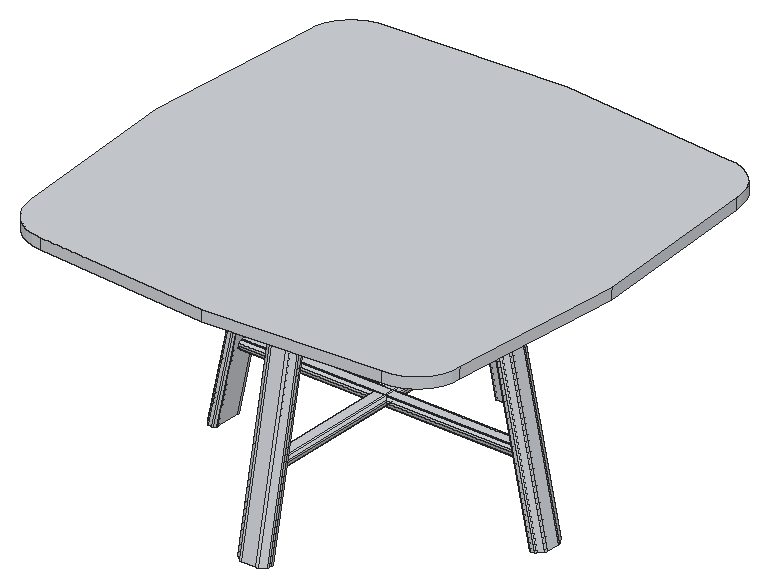
Revit family "Bernhardt_Design-Tables-Freestanding-Arched-Blueprint", category Furniture, Revit 2016
Family settings
  OmniClass Number = 23.40.20.00
  OmniClass Title = General Furniture and Specialties
  Work Plane-Based = No
  Always vertical = Yes
  Cut with Voids When Loaded = No
  Shared = No
  Room Calculation Point = No
Parameters (values of type "BPS-YDD-AA000")
  Wood = none
  URL = "http://www.bernhardtdesign.com"
  TableTopHeight = TotalHeight - 0' 1 1/4"  # 2' - 4 3/4"
  TotalHeight = 2' - 6"
  TableTop = none
  Support_small = no
  Support_large = yes
  SKU = "BPS-YDD-AA000"
  RoundRadius = 2' - 6"
  PlateRadius = 1' - 7 3/4"
  Model = "Blueprint"  # constant formula
  Manufacturer = "Bernhardt Design"  # constant formula
  Legs_small = no
  Legs_large = yes
  Crossbar_bottom = -Crossbar_top  # -1' - 5"
  Crossbar_top = 1' - 5"
  Copyright © = "Copyright © Bernhardt Design"  # constant formula
  Catalog = SKU  # "BPS-YDD-AA000"
  BlackPaint = Black Paint
  Authoring Version = "Autodesk Revit 2016"  # constant formula
  Arched_small = no
  Arched_large = yes
Types (3): name | Support_small | Support_large | SKU | RoundRadius | PlateRadius | Legs_small | Legs_large | Crossbar_bottom | Crossbar_top | Catalog | Arched_small | Arched_large
  (no name) | no | yes | "BPS-YDD-AA000" | 2' - 6" | 1' - 7 3/4" | no | yes | -1' - 5" | 1' - 5" | "BPS-YDD-AA000" | no | yes
  BPS-YAA-AA000 | yes | no | "BPS-YAA-AA000" | 2' - 3" | 0' - 11.81206" | yes | no | -1' - 0 1/16" | 1' - 0 1/16" | "BPS-YAA-AA000" | yes | no
  BPS-YDD-AA000 | no | yes | "BPS-YDD-AA000" | 2' - 6" | 1' - 7 3/4" | no | yes | -1' - 5" | 1' - 5" | "BPS-YDD-AA000" | no | yes
Reference planes (in)
  plane 1 "Center Front/Back": y = 0
  plane 2: z = 0
  plane 3 "Center Left/Right": x = 0
  plane 4 "legTop_plane": z = 27.99185
  plane 5 "TableTop_plane": z = 30
  plane 6 "tableBottom_plane": z = 28.75
  plane 7 "supportBottom_plane": z = 25.47244
  plane 8 "crossTop_plane": z = 9.64539
  plane 9 "crossBottom_plane": z = 8.38555
  plane 10 "Crossbar_top_plane": y = 12.06057
  plane 11: y = -12.16143
Forms (in)
  Blend 1, solid, material <- "Wood", visible <- "Legs_small"
    base sketch origin (0, 0, 0) x (1, 0, 0) y (0, 1, 0)
      loop
        line (-14.8392, 0.57397) -> (-14.8392, 0) -> (-14.8392, -0.57397)
        arc (-14.8392, -0.57397) -> (-14.81086, -0.73468) -> (-14.72927, -0.87601) r 0.46988
        line (-14.72927, -0.87601) -> (-14.30257, -1.46331)
        arc (-14.30257, -1.46331) -> (-14.20943, -1.55016) -> (-14.09055, -1.59579) r 0.33368
        line (-14.09055, -1.59579) -> (-13.68282, -1.59579)
        arc (-13.68282, -1.59579) -> (-13.59285, -1.57584) -> (-13.51973, -1.51974) r 0.2129
        line (-13.51973, -1.51974) -> (-13.35989, -1.3599)
        arc (-13.35989, -1.3599) -> (-13.32388, -1.30338) -> (-13.31513, -1.23692) r 0.15483
        line (-13.31513, -1.23692) -> (-13.31513, 0) -> (-13.31513, 1.23692)
        arc (-13.31513, 1.23692) -> (-13.32388, 1.30338) -> (-13.35989, 1.3599) r 0.15483
        line (-13.35989, 1.3599) -> (-13.51973, 1.51974)
        arc (-13.51973, 1.51974) -> (-13.59285, 1.57584) -> (-13.68282, 1.59579) r 0.2129
        line (-13.68282, 1.59579) -> (-14.09055, 1.59579)
        arc (-14.09055, 1.59579) -> (-14.20943, 1.55016) -> (-14.30257, 1.46331) r 0.33368
        line (-14.30257, 1.46331) -> (-14.72927, 0.87601)
        arc (-14.72927, 0.87601) -> (-14.81086, 0.73468) -> (-14.8392, 0.57397) r 0.46988
    top sketch origin (0, 0, 0) x (1, 0, 0) y (0, 1, 0)
      loop
        line (-9.39808, 0.57397) -> (-9.39808, 0) -> (-9.39808, -0.57397)
        arc (-9.39808, -0.57397) -> (-9.36974, -0.73468) -> (-9.28815, -0.87601) r 0.46988
        line (-9.28815, -0.87601) -> (-8.86145, -1.46331)
        arc (-8.86145, -1.46331) -> (-8.76832, -1.55016) -> (-8.64943, -1.59579) r 0.33368
        line (-8.64943, -1.59579) -> (-8.2417, -1.59579)
        arc (-8.2417, -1.59579) -> (-8.15173, -1.57584) -> (-8.07862, -1.51974) r 0.2129
        line (-8.07862, -1.51974) -> (-7.91878, -1.3599)
        arc (-7.91878, -1.3599) -> (-7.88276, -1.30338) -> (-7.87402, -1.23692) r 0.15483
        line (-7.87402, -1.23692) -> (-7.87402, 0) -> (-7.87402, 1.23692)
        arc (-7.87402, 1.23692) -> (-7.88276, 1.30338) -> (-7.91878, 1.3599) r 0.15483
        line (-7.91878, 1.3599) -> (-8.07862, 1.51974)
        arc (-8.07862, 1.51974) -> (-8.15173, 1.57584) -> (-8.2417, 1.59579) r 0.2129
        line (-8.2417, 1.59579) -> (-8.64943, 1.59579)
        arc (-8.64943, 1.59579) -> (-8.76832, 1.55016) -> (-8.86145, 1.46331) r 0.33368
        line (-8.86145, 1.46331) -> (-9.28815, 0.87601)
        arc (-9.28815, 0.87601) -> (-9.36974, 0.73468) -> (-9.39808, 0.57397) r 0.46988
    from 0 to 27.99213
  Extrusion 2, solid, material <- "TableTop", visible <- "Arched_small"
    sketch origin (0, 0, 0) x (1, 0, 0) y (0, 1, 0)
      loop
        arc (-0.00001, 18) -> (-6.96999, 17.75697) -> (-13.90595, 17.0276) r 99.76811
        arc (-13.90595, 17.0276) -> (-16.07684, 15.89736) -> (-17.05289, 13.65292) r 3.66657
        arc (-17.05289, 13.65292) -> (-17.7535, 6.8422) -> (-18.00044, 0) r 103.08114
        arc (-18.00044, 0) -> (-17.7535, -6.8422) -> (-17.05289, -13.65292) r 103.08114
        arc (-17.05289, -13.65292) -> (-16.07684, -15.89736) -> (-13.90595, -17.0276) r 3.66657
        arc (-13.90595, -17.0276) -> (-6.96999, -17.75697) -> (-0.00001, -18) r 99.76811
        arc (-0.00001, -18) -> (6.96998, -17.75697) -> (13.90595, -17.0276) r 99.76811
        arc (13.90595, -17.0276) -> (16.07684, -15.89736) -> (17.05289, -13.65292) r 3.66657
        arc (17.05289, -13.65292) -> (17.7535, -6.8422) -> (18.00044, 0) r 103.08114
        arc (18.00044, 0) -> (17.7535, 6.8422) -> (17.05289, 13.65292) r 103.08114
        arc (17.05289, 13.65292) -> (16.07684, 15.89736) -> (13.90595, 17.0276) r 3.66657
        arc (13.90595, 17.0276) -> (6.96998, 17.75697) -> (-0.00001, 18) r 99.76811
    from 30 <- "TotalHeight" to 28.75 <- "TableTopHeight"
  Blend 3, solid, material <- "Wood", visible <- "Legs_small"
    base sketch origin (0.01587, -0.01587, 0) x (-1, 0, 0) y (0, -1, 0)
      loop
        arc (-14.8392, -0.57397) -> (-14.81086, -0.73468) -> (-14.72927, -0.87601) r 0.46988
        line (-14.72927, -0.87601) -> (-14.30257, -1.46331)
        arc (-14.30257, -1.46331) -> (-14.20943, -1.55016) -> (-14.09055, -1.59579) r 0.33368
        line (-14.09055, -1.59579) -> (-13.68282, -1.59579)
        arc (-13.68282, -1.59579) -> (-13.59285, -1.57584) -> (-13.51973, -1.51974) r 0.2129
        line (-13.51973, -1.51974) -> (-13.35989, -1.3599)
        arc (-13.35989, -1.3599) -> (-13.32388, -1.30338) -> (-13.31513, -1.23692) r 0.15483
        line (-13.31513, -1.23692) -> (-13.31513, 0) -> (-13.31513, 1.23692)
        arc (-13.31513, 1.23692) -> (-13.32388, 1.30338) -> (-13.35989, 1.3599) r 0.15483
        line (-13.35989, 1.3599) -> (-13.51973, 1.51974)
        arc (-13.51973, 1.51974) -> (-13.59285, 1.57584) -> (-13.68282, 1.59579) r 0.2129
        line (-13.68282, 1.59579) -> (-14.09055, 1.59579)
        arc (-14.09055, 1.59579) -> (-14.20943, 1.55016) -> (-14.30257, 1.46331) r 0.33368
        line (-14.30257, 1.46331) -> (-14.72927, 0.87601)
        arc (-14.72927, 0.87601) -> (-14.81086, 0.73468) -> (-14.8392, 0.57397) r 0.46988
        line (-14.8392, 0.57397) -> (-14.8392, 0) -> (-14.8392, -0.57397)
    top sketch origin (0.01587, -0.01587, 0) x (-1, 0, 0) y (0, -1, 0)
      loop
        arc (-9.39808, -0.57397) -> (-9.36974, -0.73468) -> (-9.28815, -0.87601) r 0.46988
        line (-9.28815, -0.87601) -> (-8.86145, -1.46331)
        arc (-8.86145, -1.46331) -> (-8.76832, -1.55016) -> (-8.64943, -1.59579) r 0.33368
        line (-8.64943, -1.59579) -> (-8.2417, -1.59579)
        arc (-8.2417, -1.59579) -> (-8.15173, -1.57584) -> (-8.07862, -1.51974) r 0.2129
        line (-8.07862, -1.51974) -> (-7.91878, -1.3599)
        arc (-7.91878, -1.3599) -> (-7.88276, -1.30338) -> (-7.87402, -1.23692) r 0.15483
        line (-7.87402, -1.23692) -> (-7.87402, 0) -> (-7.87402, 1.23692)
        arc (-7.87402, 1.23692) -> (-7.88276, 1.30338) -> (-7.91878, 1.3599) r 0.15483
        line (-7.91878, 1.3599) -> (-8.07862, 1.51974)
        arc (-8.07862, 1.51974) -> (-8.15173, 1.57584) -> (-8.2417, 1.59579) r 0.2129
        line (-8.2417, 1.59579) -> (-8.64943, 1.59579)
        arc (-8.64943, 1.59579) -> (-8.76832, 1.55016) -> (-8.86145, 1.46331) r 0.33368
        line (-8.86145, 1.46331) -> (-9.28815, 0.87601)
        arc (-9.28815, 0.87601) -> (-9.36974, 0.73468) -> (-9.39808, 0.57397) r 0.46988
        line (-9.39808, 0.57397) -> (-9.39808, 0) -> (-9.39808, -0.57397)
    from 0 to 27.99213
  Blend 4, solid, material <- "Wood", visible <- "Legs_small"
    base sketch origin (-0.00001, -0.01586, 0) x (0.001505, 0.999999, 0) y (-0.999999, 0.001505, 0)
      loop
        line (-14.8392, 0.57397) -> (-14.8392, 0) -> (-14.8392, -0.57397)
        arc (-14.8392, -0.57397) -> (-14.81086, -0.73468) -> (-14.72927, -0.87601) r 0.46988
        line (-14.72927, -0.87601) -> (-14.30257, -1.46331)
        arc (-14.30257, -1.46331) -> (-14.20943, -1.55016) -> (-14.09055, -1.59579) r 0.33368
        line (-14.09055, -1.59579) -> (-13.68282, -1.59579)
        arc (-13.68282, -1.59579) -> (-13.59285, -1.57584) -> (-13.51973, -1.51974) r 0.2129
        line (-13.51973, -1.51974) -> (-13.35989, -1.3599)
        arc (-13.35989, -1.3599) -> (-13.32388, -1.30338) -> (-13.31513, -1.23692) r 0.15483
        line (-13.31513, -1.23692) -> (-13.31513, 0) -> (-13.31513, 1.23692)
        arc (-13.31513, 1.23692) -> (-13.32388, 1.30338) -> (-13.35989, 1.3599) r 0.15483
        line (-13.35989, 1.3599) -> (-13.51973, 1.51974)
        arc (-13.51973, 1.51974) -> (-13.59285, 1.57584) -> (-13.68282, 1.59579) r 0.2129
        line (-13.68282, 1.59579) -> (-14.09055, 1.59579)
        arc (-14.09055, 1.59579) -> (-14.20943, 1.55016) -> (-14.30257, 1.46331) r 0.33368
        line (-14.30257, 1.46331) -> (-14.72927, 0.87601)
        arc (-14.72927, 0.87601) -> (-14.81086, 0.73468) -> (-14.8392, 0.57397) r 0.46988
    top sketch origin (-0.00001, -0.01586, 0) x (0.001505, 0.999999, 0) y (-0.999999, 0.001505, 0)
      loop
        line (-9.39808, 0.57397) -> (-9.39808, 0) -> (-9.39808, -0.57397)
        arc (-9.39808, -0.57397) -> (-9.36974, -0.73468) -> (-9.28815, -0.87601) r 0.46988
        line (-9.28815, -0.87601) -> (-8.86145, -1.46331)
        arc (-8.86145, -1.46331) -> (-8.76832, -1.55016) -> (-8.64943, -1.59579) r 0.33368
        line (-8.64943, -1.59579) -> (-8.2417, -1.59579)
        arc (-8.2417, -1.59579) -> (-8.15173, -1.57584) -> (-8.07862, -1.51974) r 0.2129
        line (-8.07862, -1.51974) -> (-7.91878, -1.3599)
        arc (-7.91878, -1.3599) -> (-7.88276, -1.30338) -> (-7.87402, -1.23692) r 0.15483
        line (-7.87402, -1.23692) -> (-7.87402, 0) -> (-7.87402, 1.23692)
        arc (-7.87402, 1.23692) -> (-7.88276, 1.30338) -> (-7.91878, 1.3599) r 0.15483
        line (-7.91878, 1.3599) -> (-8.07862, 1.51974)
        arc (-8.07862, 1.51974) -> (-8.15173, 1.57584) -> (-8.2417, 1.59579) r 0.2129
        line (-8.2417, 1.59579) -> (-8.64943, 1.59579)
        arc (-8.64943, 1.59579) -> (-8.76832, 1.55016) -> (-8.86145, 1.46331) r 0.33368
        line (-8.86145, 1.46331) -> (-9.28815, 0.87601)
        arc (-9.28815, 0.87601) -> (-9.36974, 0.73468) -> (-9.39808, 0.57397) r 0.46988
    from 0 to 27.99213
  Blend 5, solid, material <- "Wood", visible <- "Legs_small"
    base sketch origin (0.01588, -0.03701, 0) x (-0.001505, -0.999999, 0) y (0.999999, -0.001505, 0)
      loop
        arc (-14.8392, -0.57397) -> (-14.81086, -0.73468) -> (-14.72927, -0.87601) r 0.46988
        line (-14.72927, -0.87601) -> (-14.30257, -1.46331)
        arc (-14.30257, -1.46331) -> (-14.20943, -1.55016) -> (-14.09055, -1.59579) r 0.33368
        line (-14.09055, -1.59579) -> (-13.68282, -1.59579)
        arc (-13.68282, -1.59579) -> (-13.59285, -1.57584) -> (-13.51973, -1.51974) r 0.2129
        line (-13.51973, -1.51974) -> (-13.35989, -1.3599)
        arc (-13.35989, -1.3599) -> (-13.32388, -1.30338) -> (-13.31513, -1.23692) r 0.15483
        line (-13.31513, -1.23692) -> (-13.31513, 0) -> (-13.31513, 1.23692)
        arc (-13.31513, 1.23692) -> (-13.32388, 1.30338) -> (-13.35989, 1.3599) r 0.15483
        line (-13.35989, 1.3599) -> (-13.51973, 1.51974)
        arc (-13.51973, 1.51974) -> (-13.59285, 1.57584) -> (-13.68282, 1.59579) r 0.2129
        line (-13.68282, 1.59579) -> (-14.09055, 1.59579)
        arc (-14.09055, 1.59579) -> (-14.20943, 1.55016) -> (-14.30257, 1.46331) r 0.33368
        line (-14.30257, 1.46331) -> (-14.72927, 0.87601)
        arc (-14.72927, 0.87601) -> (-14.81086, 0.73468) -> (-14.8392, 0.57397) r 0.46988
        line (-14.8392, 0.57397) -> (-14.8392, 0) -> (-14.8392, -0.57397)
    top sketch origin (0.01588, -0.03701, 0) x (-0.001505, -0.999999, 0) y (0.999999, -0.001505, 0)
      loop
        arc (-9.39808, -0.57397) -> (-9.36974, -0.73468) -> (-9.28815, -0.87601) r 0.46988
        line (-9.28815, -0.87601) -> (-8.86145, -1.46331)
        arc (-8.86145, -1.46331) -> (-8.76832, -1.55016) -> (-8.64943, -1.59579) r 0.33368
        line (-8.64943, -1.59579) -> (-8.2417, -1.59579)
        arc (-8.2417, -1.59579) -> (-8.15173, -1.57584) -> (-8.07862, -1.51974) r 0.2129
        line (-8.07862, -1.51974) -> (-7.91878, -1.3599)
        arc (-7.91878, -1.3599) -> (-7.88276, -1.30338) -> (-7.87402, -1.23692) r 0.15483
        line (-7.87402, -1.23692) -> (-7.87402, 0) -> (-7.87402, 1.23692)
        arc (-7.87402, 1.23692) -> (-7.88276, 1.30338) -> (-7.91878, 1.3599) r 0.15483
        line (-7.91878, 1.3599) -> (-8.07862, 1.51974)
        arc (-8.07862, 1.51974) -> (-8.15173, 1.57584) -> (-8.2417, 1.59579) r 0.2129
        line (-8.2417, 1.59579) -> (-8.64943, 1.59579)
        arc (-8.64943, 1.59579) -> (-8.76832, 1.55016) -> (-8.86145, 1.46331) r 0.33368
        line (-8.86145, 1.46331) -> (-9.28815, 0.87601)
        arc (-9.28815, 0.87601) -> (-9.36974, 0.73468) -> (-9.39808, 0.57397) r 0.46988
        line (-9.39808, 0.57397) -> (-9.39808, 0) -> (-9.39808, -0.57397)
    from 0 to 27.99213
  Extrusion 6, solid
    sketch origin (0, 0, 0) x (1, 0, 0) y (0, 0, 1)
      loop
        line (0.54195, 9.64567) -> (-0.54195, 9.64567)
        arc (-0.54195, 9.64567) -> (-0.63281, 9.62718) -> (-0.70923, 9.57466) r 0.23254
        line (-0.70923, 9.57466) -> (-0.95327, 9.29392)
        arc (-0.95327, 9.29392) -> (-0.99731, 9.20363) -> (-0.9903, 9.10342) r 0.19407
        line (-0.9903, 9.10342) -> (-0.68418, 8.51535)
        arc (-0.68418, 8.51535) -> (-0.58683, 8.41543) -> (-0.45051, 8.38583) r 0.24202
        line (-0.45051, 8.38583) -> (0.45051, 8.38583)
        arc (0.45051, 8.38583) -> (0.58683, 8.41543) -> (0.68418, 8.51535) r 0.24202
        line (0.68418, 8.51535) -> (0.9903, 9.10342)
        arc (0.9903, 9.10342) -> (0.99731, 9.20363) -> (0.95327, 9.29392) r 0.19407
        line (0.95327, 9.29392) -> (0.70923, 9.57466)
        arc (0.70923, 9.57466) -> (0.63281, 9.62718) -> (0.54195, 9.64567) r 0.23254
    from -17 <- "Crossbar_bottom" to 17 <- "Crossbar_top"
  Extrusion 7, solid
    sketch origin (0, 0, 0) x (0, -1, 0) y (0, 0, 1)
      loop
        line (0.54195, 9.64567) -> (-0.54195, 9.64567)
        arc (-0.54195, 9.64567) -> (-0.63281, 9.62718) -> (-0.70923, 9.57466) r 0.23254
        line (-0.70923, 9.57466) -> (-0.95327, 9.29392)
        arc (-0.95327, 9.29392) -> (-0.99731, 9.20363) -> (-0.9903, 9.10342) r 0.19407
        line (-0.9903, 9.10342) -> (-0.68418, 8.51535)
        arc (-0.68418, 8.51535) -> (-0.58683, 8.41543) -> (-0.45051, 8.38583) r 0.24202
        line (-0.45051, 8.38583) -> (0.45051, 8.38583)
        arc (0.45051, 8.38583) -> (0.58683, 8.41543) -> (0.68418, 8.51535) r 0.24202
        line (0.68418, 8.51535) -> (0.9903, 9.10342)
        arc (0.9903, 9.10342) -> (0.99731, 9.20363) -> (0.95327, 9.29392) r 0.19407
        line (0.95327, 9.29392) -> (0.70923, 9.57466)
        arc (0.70923, 9.57466) -> (0.63281, 9.62718) -> (0.54195, 9.64567) r 0.23254
    from -17 <- "Crossbar_bottom" to 17 <- "Crossbar_top"
  Extrusion 8, solid, material "Black Paint" <- "BlackPaint"
    sketch origin (0, 0, 27.99185) x (0, -1, 0) y (1, 0, 0)
      loop
        circle (0, 0) r 19.75
    from 0 to 0.75815
  Extrusion 9, solid, material <- "Wood", visible <- "Support_small"
    sketch origin (0, 0, 25.47244) x (0, -1, 0) y (1, 0, 0)
      loop
        line (0.05281, 9.37706) -> (-9.36116, -0.03692) -> (0, -9.39808) -> (9.41397, 0.01589) -> (0.05281, 9.37706)
    from 0 to 2.51969
  Extrusion 10, solid, material <- "Wood", visible <- "Support_large"
    sketch origin (0.058, -0.058, 25.47244) x (0, -1, 0) y (1, 0, 0)
      loop
        line (-0.07728, 13.94238) -> (-14.02016, -0.0005) -> (-0.00519, -14.01547) -> (13.93769, -0.07259) -> (-0.07728, 13.94238)
    from 0 to 2.51969
  Blend 11, solid, material <- "Wood", visible <- "Legs_large"
    base sketch origin (0, 0, 0) x (1, 0, 0) y (0, 1, 0)
      loop
        line (-18.50897, -1.49665) -> (-18.50897, 1.46921)
        arc (-18.50897, 1.46921) -> (-18.52216, 1.54404) -> (-18.56016, 1.60985) r 0.21879
        line (-18.56016, 1.60985) -> (-18.71276, 1.76245)
        arc (-18.71276, 1.76245) -> (-18.79168, 1.81771) -> (-18.88474, 1.84264) r 0.27741
        line (-18.88474, 1.84264) -> (-19.27141, 1.84264)
        arc (-19.27141, 1.84264) -> (-19.37527, 1.81962) -> (-19.45966, 1.75486) r 0.24575
        line (-19.45966, 1.75486) -> (-19.92983, 1.13093)
        arc (-19.92983, 1.13093) -> (-20.01211, 0.97286) -> (-20.03845, 0.79662) r 0.53986
        line (-20.03845, 0.79662) -> (-20.03845, -0.82405)
        arc (-20.03845, -0.82405) -> (-20.01211, -1.0003) -> (-19.92983, -1.15837) r 0.53986
        line (-19.92983, -1.15837) -> (-19.45966, -1.7823)
        arc (-19.45966, -1.7823) -> (-19.37527, -1.84706) -> (-19.27141, -1.87008) r 0.24575
        line (-19.27141, -1.87008) -> (-18.88474, -1.87008)
        arc (-18.88474, -1.87008) -> (-18.79168, -1.84515) -> (-18.71276, -1.78988) r 0.27741
        line (-18.71276, -1.78988) -> (-18.56016, -1.63728)
        arc (-18.56016, -1.63728) -> (-18.52216, -1.57148) -> (-18.50897, -1.49665) r 0.21879
    top sketch origin (0, 0, 0) x (1, 0, 0) y (0, 1, 0)
      loop
        line (-12.55906, -1.49665) -> (-12.55906, 1.46921)
        arc (-12.55906, 1.46921) -> (-12.57225, 1.54404) -> (-12.61024, 1.60985) r 0.21879
        line (-12.61024, 1.60985) -> (-12.76284, 1.76245)
        arc (-12.76284, 1.76245) -> (-12.84177, 1.81771) -> (-12.93483, 1.84264) r 0.27741
        line (-12.93483, 1.84264) -> (-13.3215, 1.84264)
        arc (-13.3215, 1.84264) -> (-13.42535, 1.81962) -> (-13.50975, 1.75486) r 0.24575
        line (-13.50975, 1.75486) -> (-13.97991, 1.13093)
        arc (-13.97991, 1.13093) -> (-14.0622, 0.97286) -> (-14.08854, 0.79662) r 0.53986
        line (-14.08854, 0.79662) -> (-14.08854, -0.82405)
        arc (-14.08854, -0.82405) -> (-14.0622, -1.0003) -> (-13.97991, -1.15837) r 0.53986
        line (-13.97991, -1.15837) -> (-13.50975, -1.7823)
        arc (-13.50975, -1.7823) -> (-13.42535, -1.84706) -> (-13.3215, -1.87008) r 0.24575
        line (-13.3215, -1.87008) -> (-12.93483, -1.87008)
        arc (-12.93483, -1.87008) -> (-12.84177, -1.84515) -> (-12.76284, -1.78988) r 0.27741
        line (-12.76284, -1.78988) -> (-12.61024, -1.63728)
        arc (-12.61024, -1.63728) -> (-12.57225, -1.57148) -> (-12.55906, -1.49665) r 0.21879
    from 0 to 27.99219
  Blend 12, solid, material <- "Wood", visible <- "Legs_large"
    base sketch origin (0, 0, 0) x (-1, 0, 0) y (0, -1, 0)
      loop
        arc (-18.50897, 1.49665) -> (-18.52216, 1.57148) -> (-18.56016, 1.63728) r 0.21879
        line (-18.56016, 1.63728) -> (-18.71276, 1.78988)
        arc (-18.71276, 1.78988) -> (-18.79168, 1.84515) -> (-18.88474, 1.87008) r 0.27741
        line (-18.88474, 1.87008) -> (-19.27141, 1.87008)
        arc (-19.27141, 1.87008) -> (-19.37527, 1.84706) -> (-19.45966, 1.7823) r 0.24575
        line (-19.45966, 1.7823) -> (-19.92983, 1.15837)
        arc (-19.92983, 1.15837) -> (-20.01211, 1.0003) -> (-20.03845, 0.82405) r 0.53986
        line (-20.03845, 0.82405) -> (-20.03845, -0.79662)
        arc (-20.03845, -0.79662) -> (-20.01211, -0.97286) -> (-19.92983, -1.13093) r 0.53986
        line (-19.92983, -1.13093) -> (-19.45966, -1.75486)
        arc (-19.45966, -1.75486) -> (-19.37527, -1.81962) -> (-19.27141, -1.84264) r 0.24575
        line (-19.27141, -1.84264) -> (-18.88474, -1.84264)
        arc (-18.88474, -1.84264) -> (-18.79168, -1.81771) -> (-18.71276, -1.76245) r 0.27741
        line (-18.71276, -1.76245) -> (-18.56016, -1.60985)
        arc (-18.56016, -1.60985) -> (-18.52216, -1.54404) -> (-18.50897, -1.46921) r 0.21879
        line (-18.50897, -1.46921) -> (-18.50897, 1.49665)
    top sketch origin (0, 0, 0) x (-1, 0, 0) y (0, -1, 0)
      loop
        arc (-12.55906, 1.49665) -> (-12.57225, 1.57148) -> (-12.61024, 1.63728) r 0.21879
        line (-12.61024, 1.63728) -> (-12.76284, 1.78988)
        arc (-12.76284, 1.78988) -> (-12.84177, 1.84515) -> (-12.93483, 1.87008) r 0.27741
        line (-12.93483, 1.87008) -> (-13.3215, 1.87008)
        arc (-13.3215, 1.87008) -> (-13.42535, 1.84706) -> (-13.50975, 1.7823) r 0.24575
        line (-13.50975, 1.7823) -> (-13.97991, 1.15837)
        arc (-13.97991, 1.15837) -> (-14.0622, 1.0003) -> (-14.08854, 0.82405) r 0.53986
        line (-14.08854, 0.82405) -> (-14.08854, -0.79662)
        arc (-14.08854, -0.79662) -> (-14.0622, -0.97286) -> (-13.97991, -1.13093) r 0.53986
        line (-13.97991, -1.13093) -> (-13.50975, -1.75486)
        arc (-13.50975, -1.75486) -> (-13.42535, -1.81962) -> (-13.3215, -1.84264) r 0.24575
        line (-13.3215, -1.84264) -> (-12.93483, -1.84264)
        arc (-12.93483, -1.84264) -> (-12.84177, -1.81771) -> (-12.76284, -1.76245) r 0.27741
        line (-12.76284, -1.76245) -> (-12.61024, -1.60985)
        arc (-12.61024, -1.60985) -> (-12.57225, -1.54404) -> (-12.55906, -1.46921) r 0.21879
        line (-12.55906, -1.46921) -> (-12.55906, 1.49665)
    from 0 to 27.99219
  Blend 13, solid, material <- "Wood", visible <- "Legs_large"
    base sketch origin (-0.01372, -0.0137, 0) x (0.001235, 0.999999, 0) y (-0.999999, 0.001235, 0)
      loop
        line (-18.50897, -1.49665) -> (-18.50897, 1.46921)
        arc (-18.50897, 1.46921) -> (-18.52216, 1.54404) -> (-18.56016, 1.60985) r 0.21879
        line (-18.56016, 1.60985) -> (-18.71276, 1.76245)
        arc (-18.71276, 1.76245) -> (-18.79168, 1.81771) -> (-18.88474, 1.84264) r 0.27741
        line (-18.88474, 1.84264) -> (-19.27141, 1.84264)
        arc (-19.27141, 1.84264) -> (-19.37527, 1.81962) -> (-19.45966, 1.75486) r 0.24575
        line (-19.45966, 1.75486) -> (-19.92983, 1.13093)
        arc (-19.92983, 1.13093) -> (-20.01211, 0.97286) -> (-20.03845, 0.79662) r 0.53986
        line (-20.03845, 0.79662) -> (-20.03845, -0.82405)
        arc (-20.03845, -0.82405) -> (-20.01211, -1.0003) -> (-19.92983, -1.15837) r 0.53986
        line (-19.92983, -1.15837) -> (-19.45966, -1.7823)
        arc (-19.45966, -1.7823) -> (-19.37527, -1.84706) -> (-19.27141, -1.87008) r 0.24575
        line (-19.27141, -1.87008) -> (-18.88474, -1.87008)
        arc (-18.88474, -1.87008) -> (-18.79168, -1.84515) -> (-18.71276, -1.78988) r 0.27741
        line (-18.71276, -1.78988) -> (-18.56016, -1.63728)
        arc (-18.56016, -1.63728) -> (-18.52216, -1.57148) -> (-18.50897, -1.49665) r 0.21879
    top sketch origin (-0.01372, -0.0137, 0) x (0.001235, 0.999999, 0) y (-0.999999, 0.001235, 0)
      loop
        line (-12.55906, -1.49665) -> (-12.55906, 1.46921)
        arc (-12.55906, 1.46921) -> (-12.57225, 1.54404) -> (-12.61024, 1.60985) r 0.21879
        line (-12.61024, 1.60985) -> (-12.76284, 1.76245)
        arc (-12.76284, 1.76245) -> (-12.84177, 1.81771) -> (-12.93483, 1.84264) r 0.27741
        line (-12.93483, 1.84264) -> (-13.3215, 1.84264)
        arc (-13.3215, 1.84264) -> (-13.42535, 1.81962) -> (-13.50975, 1.75486) r 0.24575
        line (-13.50975, 1.75486) -> (-13.97991, 1.13093)
        arc (-13.97991, 1.13093) -> (-14.0622, 0.97286) -> (-14.08854, 0.79662) r 0.53986
        line (-14.08854, 0.79662) -> (-14.08854, -0.82405)
        arc (-14.08854, -0.82405) -> (-14.0622, -1.0003) -> (-13.97991, -1.15837) r 0.53986
        line (-13.97991, -1.15837) -> (-13.50975, -1.7823)
        arc (-13.50975, -1.7823) -> (-13.42535, -1.84706) -> (-13.3215, -1.87008) r 0.24575
        line (-13.3215, -1.87008) -> (-12.93483, -1.87008)
        arc (-12.93483, -1.87008) -> (-12.84177, -1.84515) -> (-12.76284, -1.78988) r 0.27741
        line (-12.76284, -1.78988) -> (-12.61024, -1.63728)
        arc (-12.61024, -1.63728) -> (-12.57225, -1.57148) -> (-12.55906, -1.49665) r 0.21879
    from 0 to 27.99219
  Blend 14, solid, material <- "Wood", visible <- "Legs_large"
    base sketch origin (-0.01372, -0.0137, 0) x (-0.001235, -0.999999, 0) y (0.999999, -0.001235, 0)
      loop
        arc (-18.50897, 1.49665) -> (-18.52216, 1.57148) -> (-18.56016, 1.63728) r 0.21879
        line (-18.56016, 1.63728) -> (-18.71276, 1.78988)
        arc (-18.71276, 1.78988) -> (-18.79168, 1.84515) -> (-18.88474, 1.87008) r 0.27741
        line (-18.88474, 1.87008) -> (-19.27141, 1.87008)
        arc (-19.27141, 1.87008) -> (-19.37527, 1.84706) -> (-19.45966, 1.7823) r 0.24575
        line (-19.45966, 1.7823) -> (-19.92983, 1.15837)
        arc (-19.92983, 1.15837) -> (-20.01211, 1.0003) -> (-20.03845, 0.82405) r 0.53986
        line (-20.03845, 0.82405) -> (-20.03845, -0.79662)
        arc (-20.03845, -0.79662) -> (-20.01211, -0.97286) -> (-19.92983, -1.13093) r 0.53986
        line (-19.92983, -1.13093) -> (-19.45966, -1.75486)
        arc (-19.45966, -1.75486) -> (-19.37527, -1.81962) -> (-19.27141, -1.84264) r 0.24575
        line (-19.27141, -1.84264) -> (-18.88474, -1.84264)
        arc (-18.88474, -1.84264) -> (-18.79168, -1.81771) -> (-18.71276, -1.76245) r 0.27741
        line (-18.71276, -1.76245) -> (-18.56016, -1.60985)
        arc (-18.56016, -1.60985) -> (-18.52216, -1.54404) -> (-18.50897, -1.46921) r 0.21879
        line (-18.50897, -1.46921) -> (-18.50897, 1.49665)
    top sketch origin (-0.01372, -0.0137, 0) x (-0.001235, -0.999999, 0) y (0.999999, -0.001235, 0)
      loop
        arc (-12.55906, 1.49665) -> (-12.57225, 1.57148) -> (-12.61024, 1.63728) r 0.21879
        line (-12.61024, 1.63728) -> (-12.76284, 1.78988)
        arc (-12.76284, 1.78988) -> (-12.84177, 1.84515) -> (-12.93483, 1.87008) r 0.27741
        line (-12.93483, 1.87008) -> (-13.3215, 1.87008)
        arc (-13.3215, 1.87008) -> (-13.42535, 1.84706) -> (-13.50975, 1.7823) r 0.24575
        line (-13.50975, 1.7823) -> (-13.97991, 1.15837)
        arc (-13.97991, 1.15837) -> (-14.0622, 1.0003) -> (-14.08854, 0.82405) r 0.53986
        line (-14.08854, 0.82405) -> (-14.08854, -0.79662)
        arc (-14.08854, -0.79662) -> (-14.0622, -0.97286) -> (-13.97991, -1.13093) r 0.53986
        line (-13.97991, -1.13093) -> (-13.50975, -1.75486)
        arc (-13.50975, -1.75486) -> (-13.42535, -1.81962) -> (-13.3215, -1.84264) r 0.24575
        line (-13.3215, -1.84264) -> (-12.93483, -1.84264)
        arc (-12.93483, -1.84264) -> (-12.84177, -1.81771) -> (-12.76284, -1.76245) r 0.27741
        line (-12.76284, -1.76245) -> (-12.61024, -1.60985)
        arc (-12.61024, -1.60985) -> (-12.57225, -1.54404) -> (-12.55906, -1.46921) r 0.21879
        line (-12.55906, -1.46921) -> (-12.55906, 1.49665)
    from 0 to 27.99219
  Extrusion 15, solid, material <- "TableTop", visible <- "Arched_large"
    sketch origin (0, 0, 0) x (1, 0, 0) y (0, 1, 0)
      loop
        arc (0, 26.99999) -> (-10.12173, 26.59969) -> (-20.20067, 25.58742) r 167.26363
        arc (-20.20067, 25.58742) -> (-23.83666, 24.08135) -> (-25.34274, 20.44536) r 5.14206
        arc (-25.34274, 20.44536) -> (-26.60305, 10.25767) -> (-27, 0) r 121.65674
        arc (-27, 0) -> (-26.60305, -10.25767) -> (-25.34274, -20.44536) r 121.65674
        arc (-25.34274, -20.44536) -> (-23.83666, -24.08135) -> (-20.20067, -25.58742) r 5.14206
        arc (-20.20067, -25.58742) -> (-10.12173, -26.59969) -> (0, -26.99999) r 167.26363
        arc (0, -26.99999) -> (10.12173, -26.59969) -> (20.20067, -25.58742) r 167.26363
        arc (20.20067, -25.58742) -> (23.83666, -24.08135) -> (25.34274, -20.44536) r 5.14206
        arc (25.34274, -20.44536) -> (26.60305, -10.25767) -> (27, 0) r 121.65674
        arc (27, 0) -> (26.60305, 10.25767) -> (25.34274, 20.44536) r 121.65674
        arc (25.34274, 20.44536) -> (23.83666, 24.08135) -> (20.20067, 25.58742) r 5.14206
        arc (20.20067, 25.58742) -> (10.12173, 26.59969) -> (0, 26.99999) r 167.26363
    from 30 <- "TotalHeight" to 28.75 <- "TableTopHeight"
Dimensions and locks (in)
  "TotalHeight": plane 5 "TableTop_plane" to level
  "PlateRadius": radius of Extrusion 8 sketch curve
  aligned and locked: level to plane 2
Automatic sketch dimensions
  plane 1 "Center Front/Back" to Blend 1 sketch curve = 0' - 0"  (x4)
  Blend 1 sketch curve to plane 1 "Center Front/Back" = 0' - 0.57397"  (x2)
  Blend 1 sketch curve to plane 3 "Center Left/Right" = 1' - 2.8392"
  Blend 1 sketch curve to plane 1 "Center Front/Back" = 0' - 0.87601"  (x2)
  Blend 1 sketch curve to Blend 1 sketch curve = 0' - 0.10993"  (x4)
  plane 1 "Center Front/Back" to Blend 1 sketch curve = 0' - 0.87601"  (x2)
  Blend 1 sketch curve to Blend 1 sketch curve = 0' - 0.35995"  (x2)
  Blend 1 sketch curve to plane 1 "Center Front/Back" = 0' - 1.46331"  (x2)
  Blend 1 sketch curve to Blend 1 sketch curve = 0' - 0.4267"  (x4)
  plane 1 "Center Front/Back" to Blend 1 sketch curve = 0' - 1.46331"  (x2)
  Blend 1 sketch curve to Blend 1 sketch curve = 0' - 0.21201"  (x4)
  Blend 1 sketch curve to Blend 1 sketch curve = 0' - 0.05794"  (x4)
  Blend 1 sketch curve to Blend 1 sketch curve = 0' - 0.34979"  (x4)
  plane 1 "Center Front/Back" to Blend 1 sketch curve = 0' - 1.51974"  (x2)
  Blend 1 sketch curve to Blend 1 sketch curve = 0' - 0.16309"  (x4)
  Blend 1 sketch curve to plane 1 "Center Front/Back" = 0' - 1.51974"  (x2)
  Blend 1 sketch curve to Blend 1 sketch curve = 0' - 0.21344"  (x4)
  plane 1 "Center Front/Back" to Blend 1 sketch curve = 0' - 1.3599"  (x2)
  Blend 1 sketch curve to Blend 1 sketch curve = 0' - 0.10948"  (x6)
  Blend 1 sketch curve to plane 1 "Center Front/Back" = 0' - 1.3599"  (x2)
  Blend 1 sketch curve to Blend 1 sketch curve = 0' - 0.04476"  (x2)
  Blend 1 sketch curve to Blend 1 sketch curve = 0' - 0.13248"  (x2)
  Blend 1 sketch curve to Blend 1 sketch curve = 0' - 0.12298"  (x2)
  Blend 1 sketch curve to Blend 1 sketch curve = 0' - 0.19613"  (x2)
  Blend 1 sketch curve to plane 3 "Center Left/Right" = 0' - 9.39808"
  plane 1 "Center Front/Back" to Extrusion 2 sketch curve = 0' - 0"  (x2)
  Extrusion 2 sketch curve to plane 1 "Center Front/Back" = 0' - 0.29475"  (x2)
  Extrusion 2 sketch curve to plane 3 "Center Left/Right" = 7' - 1.08027"
  Extrusion 2 sketch curve to Extrusion 2 sketch curve = 0' - 0"  (x8)
  plane 10 "Crossbar_top_plane" to Extrusion 2 sketch curve = 0' - 1.3362"  (x2)
  Extrusion 2 sketch curve to plane 3 "Center Left/Right" = 1' - 1.39528"  (x2)
  plane 11 to Extrusion 2 sketch curve = 0' - 1.23535"  (x2)
  Extrusion 2 sketch curve to plane 3 "Center Left/Right" = 0' - 0.01051"  (x2)
  plane 3 "Center Left/Right" to Extrusion 2 sketch curve = 0' - 0.01051"  (x2)
  plane 3 "Center Left/Right" to Extrusion 2 sketch curve = 1' - 1.39528"  (x2)
  plane 1 "Center Front/Back" to Extrusion 2 sketch curve = 0' - 0.29475"  (x2)
  Extrusion 2 sketch curve to Extrusion 2 sketch curve = 5' - 11.68499"
  plane 11 to Extrusion 2 sketch curve = 5' - 9.60669"
  Extrusion 2 sketch curve to Extrusion 2 sketch curve = 5' - 8.37134"
  Extrusion 2 sketch curve to Extrusion 2 sketch curve = 0' - 4.60516"
  plane 10 "Crossbar_top_plane" to Extrusion 2 sketch curve = 0' - 1.59236"
  plane 11 to Extrusion 2 sketch curve = 0' - 1.4915"  (x2)
  Extrusion 2 sketch curve to plane 3 "Center Left/Right" = 0' - 0"  (x2)
  plane 1 "Center Front/Back" to Blend 3 sketch curve = 0' - 0.5581"  (x2)
  Blend 3 sketch curve to plane 3 "Center Left/Right" = 1' - 2.85507"
  plane 1 "Center Front/Back" to Blend 3 sketch curve = 0' - 0.86014"  (x2)
  Blend 3 sketch curve to Blend 3 sketch curve = 0' - 0.10993"  (x4)
  Blend 3 sketch curve to plane 1 "Center Front/Back" = 0' - 0.89188"  (x2)
  Blend 3 sketch curve to Blend 3 sketch curve = 0' - 0.35995"  (x2)
  plane 1 "Center Front/Back" to Blend 3 sketch curve = 0' - 1.44744"  (x2)
  Blend 3 sketch curve to Blend 3 sketch curve = 0' - 0.4267"  (x4)
  Blend 3 sketch curve to plane 1 "Center Front/Back" = 0' - 1.47918"  (x2)
  Blend 3 sketch curve to Blend 3 sketch curve = 0' - 0.21201"  (x4)
  Blend 3 sketch curve to Blend 3 sketch curve = 0' - 0.26996"
  Blend 3 sketch curve to Blend 3 sketch curve = 0' - 0.05794"  (x3)
  Blend 3 sketch curve to Blend 3 sketch curve = 0' - 0.34979"  (x4)
  Blend 3 sketch curve to plane 1 "Center Front/Back" = 0' - 1.53561"  (x2)
  Blend 3 sketch curve to Blend 3 sketch curve = 0' - 0.16309"  (x4)
  plane 1 "Center Front/Back" to Blend 3 sketch curve = 0' - 1.50387"  (x2)
  Blend 3 sketch curve to Blend 3 sketch curve = 0' - 0.21344"  (x4)
  Blend 3 sketch curve to plane 1 "Center Front/Back" = 0' - 1.37577"  (x2)
  Blend 3 sketch curve to Blend 3 sketch curve = 0' - 0.10948"  (x6)
  plane 1 "Center Front/Back" to Blend 3 sketch curve = 0' - 1.34403"  (x2)
  Blend 3 sketch curve to Blend 3 sketch curve = 0' - 0.04476"  (x2)
  Blend 3 sketch curve to Blend 3 sketch curve = 0' - 0.13248"  (x2)
  Blend 3 sketch curve to plane 1 "Center Front/Back" = 0' - 0.01587"  (x4)
  Blend 3 sketch curve to Blend 3 sketch curve = 0' - 0.12298"  (x2)
  Blend 3 sketch curve to Blend 3 sketch curve = 0' - 0.19613"  (x2)
  Blend 3 sketch curve to plane 3 "Center Left/Right" = 0' - 9.41395"
  Blend 4 sketch curve to plane 3 "Center Left/Right" = 0' - 0.59632"
  plane 11 to Blend 4 sketch curve = 0' - 2.69275"
  Blend 4 sketch curve to Blend 4 sketch curve = 0' - 0.10993"  (x4)
  Blend 4 sketch curve to Blend 4 sketch curve = 0' - 0.35995"  (x2)
  Blend 4 sketch curve to Blend 4 sketch curve = 0' - 0.46988"  (x2)
  Blend 4 sketch curve to Blend 4 sketch curve = 0' - 0.4267"  (x4)
  Blend 4 sketch curve to Blend 4 sketch curve = 0' - 0.21201"  (x4)
  Blend 4 sketch curve to Blend 4 sketch curve = 0' - 0.05794"  (x3)
  Blend 4 sketch curve to Blend 4 sketch curve = 0' - 0.34979"  (x4)
  Blend 4 sketch curve to Blend 4 sketch curve = 0' - 0.16309"  (x4)
  Blend 4 sketch curve to Blend 4 sketch curve = 0' - 0.21344"  (x4)
  Blend 4 sketch curve to Blend 4 sketch curve = 0' - 0.10948"  (x4)
  Blend 4 sketch curve to Blend 4 sketch curve = 0' - 0.04476"  (x2)
  Blend 4 sketch curve to Blend 4 sketch curve = 0' - 0.57397"  (x6)
  Blend 4 sketch curve to Blend 4 sketch curve = 0' - 1.23692"  (x4)
  Blend 4 sketch curve to Blend 4 sketch curve = 0' - 0.01349"  (x4)
  Blend 4 sketch curve to Blend 4 sketch curve = 0' - 0.01676"  (x4)
  Blend 4 sketch curve to Blend 4 sketch curve = 0' - 0.13248"  (x4)
  Blend 4 sketch curve to Blend 4 sketch curve = 0' - 0.19613"  (x4)
  Blend 4 sketch curve to plane 3 "Center Left/Right" = 0' - 0.58813"
  Blend 4 sketch curve to plane 11 = 0' - 2.74836"
  Blend 4 sketch curve to Blend 4 sketch curve = 0' - 0.26996"
  plane 3 "Center Left/Right" to Blend 5 sketch curve = 0' - 0.53575"
  Blend 5 sketch curve to plane 10 "Crossbar_top_plane" = 0' - 2.74247"
  Blend 5 sketch curve to Blend 5 sketch curve = 0' - 0.10993"  (x4)
  Blend 5 sketch curve to Blend 5 sketch curve = 0' - 0.35995"  (x3)
  Blend 5 sketch curve to Blend 5 sketch curve = 0' - 0.4267"  (x4)
  Blend 5 sketch curve to Blend 5 sketch curve = 0' - 0.21201"  (x4)
  Blend 5 sketch curve to Blend 5 sketch curve = 0' - 0.26996"
  Blend 5 sketch curve to Blend 5 sketch curve = 0' - 0.05794"  (x3)
  Blend 5 sketch curve to Blend 5 sketch curve = 0' - 0.34979"  (x4)
  Blend 5 sketch curve to Blend 5 sketch curve = 0' - 0.16309"  (x4)
  Blend 5 sketch curve to Blend 5 sketch curve = 0' - 0.21344"  (x4)
  Blend 5 sketch curve to Blend 5 sketch curve = 0' - 0.10948"  (x4)
  Blend 5 sketch curve to Blend 5 sketch curve = 0' - 0.04476"  (x2)
  Blend 5 sketch curve to Blend 5 sketch curve = 0' - 0.57397"  (x6)
  Blend 5 sketch curve to Blend 5 sketch curve = 0' - 1.23692"  (x4)
  Blend 5 sketch curve to Blend 5 sketch curve = 0' - 0.01349"  (x4)
  Blend 5 sketch curve to Blend 5 sketch curve = 0' - 0.01676"  (x4)
  Blend 5 sketch curve to Blend 5 sketch curve = 0' - 0.13248"  (x4)
  Blend 5 sketch curve to Blend 5 sketch curve = 0' - 0.19613"  (x4)
  plane 3 "Center Left/Right" to Blend 5 sketch curve = 0' - 0.54394"
  plane 10 "Crossbar_top_plane" to Blend 5 sketch curve = 0' - 2.69864"
  Blend 5 sketch curve to Blend 5 sketch curve = 0' - 0.46988"
  Extrusion 6 sketch curve to plane 3 "Center Left/Right" = 0' - 0.9903"
  plane 8 "crossTop_plane" to Extrusion 6 sketch curve = 0' - 0.35147"  (x2)
  Extrusion 6 sketch curve to Extrusion 6 sketch curve = 0' - 0.03703"
  Extrusion 6 sketch curve to Extrusion 6 sketch curve = 0' - 0.14647"  (x2)
  plane 8 "crossTop_plane" to Extrusion 6 sketch curve = 0' - 0.07073"  (x2)
  Extrusion 6 sketch curve to Extrusion 6 sketch curve = 0' - 0.24405"
  Extrusion 6 sketch curve to plane 9 "crossBottom_plane" = 0' - 0.1298"  (x2)
  Extrusion 6 sketch curve to Extrusion 6 sketch curve = 0' - 0.12263"
  Extrusion 6 sketch curve to plane 8 "crossTop_plane" = 0' - 0.00028"
  Extrusion 6 sketch curve to Extrusion 6 sketch curve = 0' - 0.16727"  (x2)
  Extrusion 6 sketch curve to Extrusion 6 sketch curve = 0' - 0.21468"  (x2)
  Extrusion 6 sketch curve to plane 9 "crossBottom_plane" = 0' - 0.00028"
  Extrusion 6 sketch curve to Extrusion 6 sketch curve = 0' - 0.01899"  (x2)
  plane 3 "Center Left/Right" to Extrusion 6 sketch curve = 0' - 0.45051"
  plane 3 "Center Left/Right" to Extrusion 6 sketch curve = 0' - 0.54195"
  Extrusion 6 sketch curve to Extrusion 6 sketch curve = 0' - 0.26485"
  plane 8 "crossTop_plane" to Extrusion 6 sketch curve = 0' - 0.54198"
  Extrusion 6 sketch curve to Extrusion 6 sketch curve = 0' - 0.1835"
  Extrusion 6 sketch curve to Extrusion 6 sketch curve = 0' - 0.19051"
  Extrusion 7 sketch curve to plane 1 "Center Front/Back" = 0' - 0.9903"
  plane 8 "crossTop_plane" to Extrusion 7 sketch curve = 0' - 0.35147"  (x2)
  Extrusion 7 sketch curve to Extrusion 7 sketch curve = 0' - 0.03703"
  Extrusion 7 sketch curve to Extrusion 7 sketch curve = 0' - 0.14647"  (x2)
  plane 8 "crossTop_plane" to Extrusion 7 sketch curve = 0' - 0.07073"  (x2)
  Extrusion 7 sketch curve to Extrusion 7 sketch curve = 0' - 0.24405"
  Extrusion 7 sketch curve to plane 9 "crossBottom_plane" = 0' - 0.1298"  (x2)
  Extrusion 7 sketch curve to Extrusion 7 sketch curve = 0' - 0.12263"
  Extrusion 7 sketch curve to plane 8 "crossTop_plane" = 0' - 0.00028"
  Extrusion 7 sketch curve to Extrusion 7 sketch curve = 0' - 0.16727"  (x2)
  Extrusion 7 sketch curve to Extrusion 7 sketch curve = 0' - 0.21468"  (x2)
  Extrusion 7 sketch curve to plane 9 "crossBottom_plane" = 0' - 0.00028"
  Extrusion 7 sketch curve to Extrusion 7 sketch curve = 0' - 0.01899"  (x2)
  plane 1 "Center Front/Back" to Extrusion 7 sketch curve = 0' - 0.45051"
  plane 1 "Center Front/Back" to Extrusion 7 sketch curve = 0' - 0.54195"
  Extrusion 7 sketch curve to Extrusion 7 sketch curve = 0' - 0.26485"
  plane 8 "crossTop_plane" to Extrusion 7 sketch curve = 0' - 0.54198"
  Extrusion 7 sketch curve to Extrusion 7 sketch curve = 0' - 0.1835"
  Extrusion 7 sketch curve to Extrusion 7 sketch curve = 0' - 0.19051"
  plane 1 "Center Front/Back" to Extrusion 9 sketch curve = 0' - 0"
  Extrusion 9 sketch curve to plane 3 "Center Left/Right" = 0' - 0.03692"
  Extrusion 9 sketch curve to plane 10 "Crossbar_top_plane" = 0' - 2.6994"
  plane 1 "Center Front/Back" to Extrusion 9 sketch curve = 0' - 0.05281"
  Extrusion 9 sketch curve to plane 3 "Center Left/Right" = 0' - 9.39808"
  plane 3 "Center Left/Right" to Extrusion 10 sketch curve = 0' - 0.0575"
  plane 10 "Crossbar_top_plane" to Extrusion 10 sketch curve = 0' - 1.90159"
  Extrusion 10 sketch curve to plane 1 "Center Front/Back" = 0' - 0.01928"
  plane 1 "Center Front/Back" to Extrusion 10 sketch curve = 0' - 0.05281"
  Extrusion 10 sketch curve to plane 3 "Center Left/Right" = 0' - 0.01459"
  plane 1 "Center Front/Back" to Blend 11 sketch curve = 0' - 0.82405"  (x2)
  Blend 11 sketch curve to plane 3 "Center Left/Right" = 1' - 8.03845"
  Blend 11 sketch curve to plane 1 "Center Front/Back" = 0' - 1.13093"  (x2)
  Blend 11 sketch curve to Blend 11 sketch curve = 0' - 0.10863"  (x4)
  plane 1 "Center Front/Back" to Blend 11 sketch curve = 0' - 1.15837"  (x2)
  Blend 11 sketch curve to Blend 11 sketch curve = 0' - 0.53978"  (x3)
  Blend 11 sketch curve to Blend 11 sketch curve = 0' - 0.43115"
  Blend 11 sketch curve to plane 1 "Center Front/Back" = 0' - 1.75486"  (x2)
  Blend 11 sketch curve to Blend 11 sketch curve = 0' - 0.47016"  (x4)
  plane 1 "Center Front/Back" to Blend 11 sketch curve = 0' - 1.7823"  (x2)
  Blend 11 sketch curve to Blend 11 sketch curve = 0' - 0.18825"  (x4)
  Blend 11 sketch curve to Blend 11 sketch curve = 0' - 0.36249"  (x4)
  Blend 11 sketch curve to Blend 11 sketch curve = 0' - 0.02418"  (x4)
  Blend 11 sketch curve to Blend 11 sketch curve = 0' - 0.18116"  (x4)
  Blend 11 sketch curve to plane 1 "Center Front/Back" = 0' - 1.76245"  (x2)
  Blend 11 sketch curve to Blend 11 sketch curve = 0' - 0.17198"  (x4)
  plane 1 "Center Front/Back" to Blend 11 sketch curve = 0' - 1.78988"  (x2)
  plane 1 "Center Front/Back" to Blend 11 sketch curve = 0' - 1.63728"  (x2)
  Blend 11 sketch curve to Blend 11 sketch curve = 0' - 0.1526"  (x4)
  Blend 11 sketch curve to plane 1 "Center Front/Back" = 0' - 1.60985"  (x2)
  Blend 11 sketch curve to Blend 11 sketch curve = 0' - 0.05119"  (x2)
  Blend 11 sketch curve to Blend 11 sketch curve = 0' - 0.08778"  (x2)
  Blend 11 sketch curve to Blend 11 sketch curve = 0' - 0.33432"  (x2)
  Blend 11 sketch curve to Blend 11 sketch curve = 0' - 0.09708"  (x2)
  Blend 11 sketch curve to plane 3 "Center Left/Right" = 1' - 2.08854"
  Blend 12 sketch curve to plane 1 "Center Front/Back" = 0' - 0.82405"  (x2)
  Blend 12 sketch curve to plane 3 "Center Left/Right" = 1' - 8.03845"
  plane 1 "Center Front/Back" to Blend 12 sketch curve = 0' - 1.13093"  (x2)
  Blend 12 sketch curve to Blend 12 sketch curve = 0' - 0.10863"  (x4)
  Blend 12 sketch curve to plane 1 "Center Front/Back" = 0' - 1.15837"  (x2)
  Blend 12 sketch curve to Blend 12 sketch curve = 0' - 0.43115"  (x4)
  plane 1 "Center Front/Back" to Blend 12 sketch curve = 0' - 1.75486"  (x2)
  Blend 12 sketch curve to Blend 12 sketch curve = 0' - 0.47016"  (x4)
  Blend 12 sketch curve to plane 1 "Center Front/Back" = 0' - 1.7823"  (x2)
  Blend 12 sketch curve to Blend 12 sketch curve = 0' - 0.18825"  (x4)
  Blend 12 sketch curve to Blend 12 sketch curve = 0' - 0.36249"  (x4)
  Blend 12 sketch curve to Blend 12 sketch curve = 0' - 0.02418"  (x4)
  Blend 12 sketch curve to Blend 12 sketch curve = 0' - 0.18116"  (x4)
  plane 1 "Center Front/Back" to Blend 12 sketch curve = 0' - 1.76245"  (x2)
  Blend 12 sketch curve to Blend 12 sketch curve = 0' - 0.17198"  (x4)
  Blend 12 sketch curve to plane 1 "Center Front/Back" = 0' - 1.78988"  (x2)
  Blend 12 sketch curve to plane 1 "Center Front/Back" = 0' - 1.63728"  (x2)
  Blend 12 sketch curve to Blend 12 sketch curve = 0' - 0.1526"  (x4)
  plane 1 "Center Front/Back" to Blend 12 sketch curve = 0' - 1.60985"  (x2)
  Blend 12 sketch curve to Blend 12 sketch curve = 0' - 0.05119"  (x2)
  Blend 12 sketch curve to Blend 12 sketch curve = 0' - 0.08778"  (x2)
  Blend 12 sketch curve to Blend 12 sketch curve = 0' - 0.33432"  (x2)
  Blend 12 sketch curve to Blend 12 sketch curve = 0' - 0.09708"  (x2)
  Blend 12 sketch curve to plane 3 "Center Left/Right" = 1' - 2.08854"
  plane 3 "Center Left/Right" to Blend 13 sketch curve = 0' - 0.78558"
  plane 11 to Blend 13 sketch curve = 0' - 7.89173"
  Blend 13 sketch curve to Blend 13 sketch curve = 0' - 0.10863"  (x4)
  Blend 13 sketch curve to Blend 13 sketch curve = 0' - 0.53978"  (x3)
  Blend 13 sketch curve to Blend 13 sketch curve = 0' - 0.43115"
  Blend 13 sketch curve to Blend 13 sketch curve = 0' - 0.47016"  (x4)
  Blend 13 sketch curve to Blend 13 sketch curve = 0' - 0.18825"  (x4)
  Blend 13 sketch curve to Blend 13 sketch curve = 0' - 0.36249"  (x4)
  Blend 13 sketch curve to Blend 13 sketch curve = 0' - 0.02418"  (x4)
  Blend 13 sketch curve to Blend 13 sketch curve = 0' - 0.18116"  (x4)
  Blend 13 sketch curve to Blend 13 sketch curve = 0' - 0.17198"  (x4)
  Blend 13 sketch curve to Blend 13 sketch curve = 0' - 0.1526"  (x4)
  Blend 13 sketch curve to Blend 13 sketch curve = 0' - 0.05119"  (x2)
  Blend 13 sketch curve to Blend 13 sketch curve = 0' - 0.00942"  (x4)
  Blend 13 sketch curve to Blend 13 sketch curve = 0' - 0.66317"  (x4)
  Blend 13 sketch curve to Blend 13 sketch curve = 0' - 0.09708"  (x4)
  Blend 13 sketch curve to Blend 13 sketch curve = 0' - 0.03061"  (x4)
  Blend 13 sketch curve to Blend 13 sketch curve = 0' - 0.15796"  (x4)
  Blend 13 sketch curve to Blend 13 sketch curve = 0' - 1.62067"  (x2)
  plane 3 "Center Left/Right" to Blend 13 sketch curve = 0' - 0.79293"
  plane 11 to Blend 13 sketch curve = 0' - 1.94182"
  Blend 14 sketch curve to plane 3 "Center Left/Right" = 0' - 0.83509"
  Blend 14 sketch curve to plane 10 "Crossbar_top_plane" = 0' - 7.96315"
  Blend 14 sketch curve to Blend 14 sketch curve = 0' - 0.10863"  (x4)
  Blend 14 sketch curve to Blend 14 sketch curve = 0' - 0.43115"  (x4)
  Blend 14 sketch curve to Blend 14 sketch curve = 0' - 0.47016"  (x4)
  Blend 14 sketch curve to Blend 14 sketch curve = 0' - 0.18825"  (x4)
  Blend 14 sketch curve to Blend 14 sketch curve = 0' - 0.36249"  (x4)
  Blend 14 sketch curve to Blend 14 sketch curve = 0' - 0.02418"  (x4)
  Blend 14 sketch curve to Blend 14 sketch curve = 0' - 0.18116"  (x4)
  Blend 14 sketch curve to Blend 14 sketch curve = 0' - 0.17198"  (x4)
  Blend 14 sketch curve to Blend 14 sketch curve = 0' - 0.1526"  (x4)
  Blend 14 sketch curve to Blend 14 sketch curve = 0' - 0.05119"  (x2)
  Blend 14 sketch curve to Blend 14 sketch curve = 0' - 0.00942"  (x4)
  Blend 14 sketch curve to Blend 14 sketch curve = 0' - 0.66317"  (x4)
  Blend 14 sketch curve to Blend 14 sketch curve = 0' - 0.09708"  (x4)
  Blend 14 sketch curve to Blend 14 sketch curve = 0' - 0.03061"  (x4)
  Blend 14 sketch curve to Blend 14 sketch curve = 0' - 0.15796"  (x4)
  Blend 14 sketch curve to Blend 14 sketch curve = 0' - 1.62067"  (x2)
  Blend 14 sketch curve to plane 3 "Center Left/Right" = 0' - 0.82774"
  Blend 14 sketch curve to plane 10 "Crossbar_top_plane" = 0' - 2.01324"
  plane 1 "Center Front/Back" to Extrusion 15 sketch curve = 0' - 0"  (x2)
  Extrusion 15 sketch curve to plane 3 "Center Left/Right" = 0' - 0"  (x2)
  Extrusion 15 sketch curve to plane 3 "Center Left/Right" = 0' - 1.54599"  (x2)
  plane 11 to Extrusion 15 sketch curve = 0' - 8.28393"  (x2)
  Extrusion 15 sketch curve to plane 3 "Center Left/Right" = 1' - 8.20067"  (x2)
  plane 10 "Crossbar_top_plane" to Extrusion 15 sketch curve = 0' - 8.38479"  (x2)
  Extrusion 15 sketch curve to plane 1 "Center Front/Back" = 0' - 0.42863"  (x2)
  Extrusion 15 sketch curve to Extrusion 15 sketch curve = 6' - 2.45531"  (x2)
  plane 1 "Center Front/Back" to Extrusion 15 sketch curve = 0' - 0.42863"  (x2)
  Extrusion 15 sketch curve to Extrusion 15 sketch curve = 0' - 0"  (x3)
  plane 3 "Center Left/Right" to Extrusion 15 sketch curve = 0' - 1.54599"  (x2)
  plane 3 "Center Left/Right" to Extrusion 15 sketch curve = 1' - 8.20067"  (x2)
  Extrusion 15 sketch curve to Extrusion 15 sketch curve = 9' - 11.81113"  (x2)
  Extrusion 15 sketch curve to Extrusion 15 sketch curve = 0' - 5.14206"
  plane 1 "Center Front/Back" to Extrusion 8 sketch curve = 0' - 0"
  Extrusion 8 sketch curve to plane 3 "Center Left/Right" = 0' - 0"
